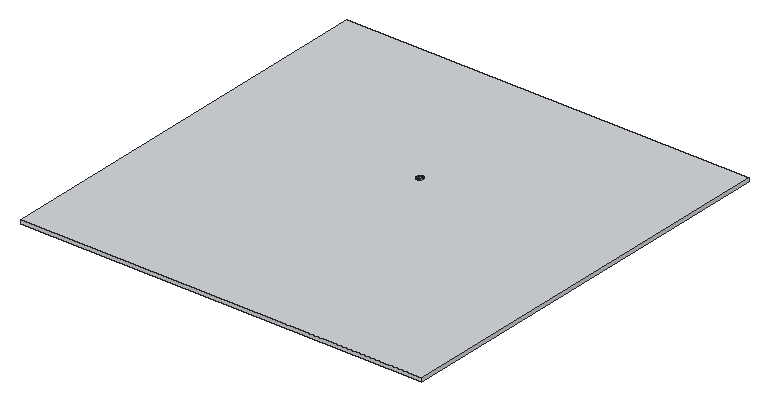
Revit family "Zumtobel SUPERSYSTEM II", category Lighting Fixtures, host Face, Revit 2016
Family settings
  Host = Face
  Part Type = Normal
  Round Connector Dimension = Use Diameter
  OmniClass Number = 23.80.70.11
  OmniClass Title = Luminaries for Internal Lighting
  Cut with Voids When Loaded = No
  Light Source = Yes
  Shared = No
  Room Calculation Point = No
Parameters (values of type "SUP2 SF R36 LED SP")
  Width = 44 mm  # constant formula
  Wattage Comments = ""
  Wattage = 2.35624 W
  built-in parameter 1150110 = 1 (stored number, unit not read)
  Voltage = 230 V
  URL = "http://www.zumtobel.com/60817641"
  Type Comments = "© Zumtobel. We reserve the right to make technical changes without prior notice."  # constant formula
  built-in parameter 1114217 = 1 (stored number, unit not read)
  Tilt Angle = -90.00°
  built-in parameter 1150109 = 1 (stored number, unit not read)
  built-in parameter 1150134 = 12
  built-in parameter 1150113 = 1 (stored number, unit not read)
  Reflector = Zumtobel_Metal_White_Self_Illumination
  Photometric Web File = "60817641_(STD_LEO).IES"
  Model = "60817641"
  Manufacturer = "Zumtobel Lighting"  # constant formula
  built-in parameter 1150105 = 27.852 (stored number, unit not read)
  Lumens = 350 lm
  built-in parameter 1150115 = 1 (stored number, unit not read)
  built-in parameter 1150137 = (empty or 0)
  built-in parameter 1150139 = (empty or 0)
  Length = 44 mm  # constant formula
  built-in parameter 1150112 = 1 (stored number, unit not read)
  built-in parameter 1150114 = 1 (stored number, unit not read)
  Lamp = "LED"
  built-in parameter 1150132 = 2
  built-in parameter 1150102 = (empty or 0)
  built-in parameter 1150107 = 4000 (stored number, unit not read)
  built-in parameter 1150138 = (empty or 0)
  built-in parameter 1150106 = 0.27852 (stored number, unit not read)
  Height = 65 mm  # constant formula
  Emit from Circle Diameter = 24 mm  # constant formula
  Emit Shape Visible in Rendering = yes
  built-in parameter 1150104 = 13.8 (stored number, unit not read)
  Dimming Lamp Color Temperature Shift = <None>
  Description = "Ceiling-recessed LED luminaire"  # constant formula
  Default Elevation = 0 mm
  Color Filter = 16777215
  Body = Zumtobel_Metal_White
  built-in parameter 1114218 = 1 (stored number, unit not read)
  built-in parameter 1150133 = 10 (stored number, unit not read)
  Assembly Code = "D5020200"
  Apparent Load = 4.2 VA
Types (2, lengths in mm): name | Wattage | URL | Photometric Web File | Model | built-in parameter 1150105 | Lumens | built-in parameter 1150106
  SUP2 SF R36 LED SP | 2.35624 W | "http://www.zumtobel.com/60817641" | "60817641_(STD_LEO).IES" | "60817641" | 27.852 (stored number, unit not read) | 350 lm | 0.27852 (stored number, unit not read)
  SUP2 SF R36 LED FL | 2.22159 W | "http://www.zumtobel.com/60817644" | "60817644_(STD_LEO).IES" | "60817644" | 853.68 (stored number, unit not read) | 330 lm | 8.5368 (stored number, unit not read)
Reference planes
  plane 1 "Center (Front/Back)": y = 0
  plane 2 "Top": z = 0
  plane 3 "Center (Left/Right)": x = 399.5
  plane 4: z = 1.4
  plane 5: x = 333.5
  plane 6: y = 66
  plane 7: y = -66
  plane 8: x = 465.5
  plane 9: z = -25
  plane 10: z = -90
Forms (mm)
  Extrusion 1, solid
    sketch origin (0, 0, 0) x (1, 0, 0) y (0, 1, 0)
      loop
        line (-1016.679, 1125) -> (-1016.679, -1737.29) -> (1803.321, -1737.29) -> (1803.321, 1125) -> (-1016.679, 1125)
    from 0 to -25
  Extrusion 2, void
    sketch origin (0, 0, -81.016) x (0, -1, 0) y (1, 0, 0)
      loop
        line (-66, 333.5) -> (66, 333.5) -> (66, 465.5) -> (-66, 465.5) -> (-66, 333.5)
    from -8.984 to 56.016
  Revolve 3, solid, material "Zumtobel_Metal_White" <- "Body", detail levels medium+fine
    sketch origin (0, 0, 0) x (1, 0, 0) y (0, 0, 1)
      loop
        line (387.5, -6.6) -> (387.5, 1.4) -> (377.5, 1.4) -> (377.5, 0) -> (383.477, 0) -> (383.477, -48.5) -> (399.5, -48.5) -> (399.5, -6.6) -> (387.5, -6.6)
      axis (399.5, 1.4) -> (399.5, -48.5)
    angle from 0 to 360
  Extrusion 4, solid, material "Zumtobel_Metal_White" <- "Body", detail levels medium+fine
    sketch origin (399.5, 0, 0) x (0, 0, -1) y (0, -1, 0)
      loop
        line (48.5, -9) -> (57, -9) -> (57, 9) -> (48.5, 9) -> (48.5, -9)
    from -2.541 to 2.5
  Extrusion 5, void
    sketch origin (0, 0, 0) x (1, 0, 0) y (0, 1, 0)
      loop
        circle (399.5, 0) r 18
    from -25 to 0
Lines and regions (mm)
  symbolic lines, style "Zumtobel Lighting", detail levels coarse
    curve 1: circle (399.5, 0, 0) r 22 normal (0, 0, 1)
    curve 2: line (399.5, 0, 0) -> (415.056, 15.556, 0)
    curve 3: line (399.5, 0, 0) -> (383.944, 15.556, 0)
    curve 4: line (399.5, 0, 0) -> (415.056, -15.556, 0)
    curve 5: line (399.5, 0, 0) -> (383.944, -15.556, 0)
Dimensions and locks
  locked: plane 4 to plane 2 "Top" at 1.4
  plane 2 "Top" to plane 9 to plane 10 = 25 mm locked, 65 mm locked
  locked: plane 1 "Center (Front/Back)" to plane 6 at 66
  locked: plane 7 to plane 1 "Center (Front/Back)" at 66
  locked: plane 5 to plane 3 "Center (Left/Right)" at 66
  locked: plane 3 "Center (Left/Right)" to plane 8 at 66
  aligned and locked: Extrusion 1 to plane 2 "Top"
  aligned and locked: Extrusion 1 to level
  aligned and locked: imposter light to plane 3 "Center (Left/Right)"
  aligned and locked: imposter light to plane 1 "Center (Front/Back)"
  aligned and locked: imposter light to plane 4
  aligned and locked: Extrusion 2 to plane 9
  aligned and locked: Extrusion 2 to plane 10
  aligned and locked: plane 6 to Extrusion 2 sketch curve
  aligned and locked: Extrusion 2 sketch curve to plane 8
  aligned and locked: plane 5 to Extrusion 2 sketch curve
  aligned and locked: Extrusion 2 sketch curve to plane 7
Connectors
  electrical at (399.52, 0, -57), driven by "Voltage", driven by "Apparent Load"
    settings: on Extrusion 4, index 1, voltage 230 V, apparent load 4.2 VA, apparent load phase1 0 VA, apparent load phase2 0 VA, apparent load phase3 0 VA, power factor 1, load classification "Lighting", number of poles 1, system type 30, power factor state 1, is connector primary yes, connector utility no, sub classification motor no, connector description "Power"
